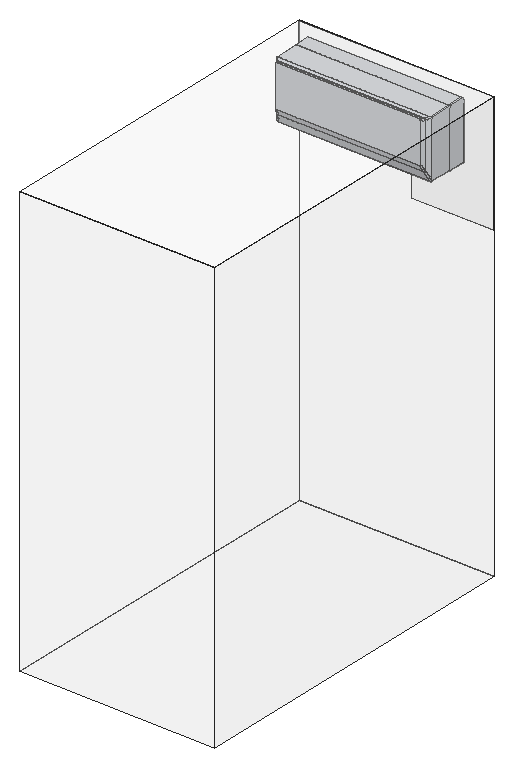
Revit family "pkfy-mp22_56lm_60hz", category 機械設備, Revit 2019
Family settings
  丸型コネクタ寸法 = 直径を使用
  パーツ タイプ = 標準
  OmniClass 番号 = 23.75.10.24.21.27.27
  OmniClass タイトル = Split System Air Conditioning Units
  作業面ベース = いいえ
  常に垂直 = はい
  ロード時にボイドで切り取り = いいえ
  共有 = いいえ
  部屋計算ポイント = はい
Parameters (values of type "壁掛_PKFY-MP22LM")
  風量_強 (m3/min) = 6.5
  風量_弱 (m3/min) = 5
  風量_中2 (m3/min) = 5.5
  風量_中 (m3/min) = 6
  風量 = MAX風量  # 390.0 m³/h
  音響パワーレベル_弱 (dB) = 45
  音響パワーレベル_中2 (dB) = 47
  音響パワーレベル_中 (dB) = 49
  音響パワーレベル_強 (dB) = 51
  音響パワーレベル(dB) = [音響パワーレベル_強 (dB)]  # 51
  電源種別 = ""
  電源_H = 0 mm
  電圧_電気ヒーター = 0 V
  電圧 = 200 V
  電動機出力_送風機 = 0.03 kW
  運転質量 = 0.00 kg
  連動 = ""
  質量 = if(製品質量 > 運転質量, 製品質量, 運転質量) * 1.2  # 13.32 kg
  負荷分類 = 3_ファン類
  構成品番 = "PKFY-MP22LM"
  冷媒液管位置-Z = 280 mm
  冷媒液管位置-Y = 28 mm
  冷媒液管位置-X = 178 mm
  冷媒ガス管位置-Z = 268 mm
  冷媒ガス管位置-Y = 28 mm
  冷媒ガス管位置-X = 192 mm
  ドレン管径 (外径) = 29 mm
  ドレン位置-Z = 274 mm
  ドレン位置-Y = 42 mm
  ドレン位置-X = 160 mm
  【値が0の項目は室外機にてご確認ください】 = ""
  URL = "https://www.mitsubishielectric.co.jp/ldg/wink/ssl/top.do"
  Space Top = 50 mm
  Space Right_1 = 260 mm
  Space Right = 150 mm
  Space Left = 50 mm
  Space Bot_2 = 250 mm
  Space Bot_1 = 7 mm
  MIN風量 = [風量_弱 (m3/min)] * 60.0 m³/h  # 300.0 m³/h
  MID風量2 = [風量_中2 (m3/min)] * 60.0 m³/h  # 330.0 m³/h
  MID風量 = [風量_中 (m3/min)] * 60.0 m³/h  # 360.0 m³/h
  MAX風量 = [風量_強 (m3/min)] * 60.0 m³/h  # 390.0 m³/h
  説明 = "ビル用マルチエアコン 壁掛形"
  設計暖房能力 = 0.00 kW
  設計冷房能力_顕熱 = 0 kW
  設計冷房能力 = 0 kW
  設置方法 = "壁掛形"
  記号 = ""
  製造元 = "三菱電機株式会社"
  製品質量 = 11.10 kg
  製品出荷対象 = "国内"
  製品リリース年月 = ""
  製品グループ = ""
  系統 = ""
  符号 = "PAC_WR"
  積算_科目 = "1 空気調和設備"
  積算_拾い区分 [instance] = ""
  相 = 1
  盤記号 = ""
  発停方法 = "付属スイッチ"
  特殊仕様 = ""
  火災停止 = ""
  消費電力_電気ヒーター = 0.00 kW
  消費電力_暖房 = 0.02 kW
  消費電力_加湿器 = 0.00 kW
  消費電力_冷房 = 0.02 kW
  消費電力 = if(消費電力_冷房 > 消費電力_暖房, 消費電力_冷房, 消費電力_暖房) + 消費電力_加湿器 + 消費電力_電気ヒーター  # 0.02 kW
  法定耐用年数 = "6"
  極数 = 1
  材質 = ""
  本体マテリアル = none
  有効加湿量 = 0
  暖房能力 = 2.50 kW
  推奨ブレーカー容量 = 0 A
  形式_加湿器 = ""
  形式 = "壁掛（露出）形"
  幹線記号 = ""
  始動方式 = "直入"
  呼称 = "室内機_壁掛（露出）形"
  周波数 = 60 Hz
  吊り位置Y = 0 mm
  吊り位置X = 0 mm
  吊りボルト_H = 0 mm
  台数_手元リモコン = ""
  台数_冷媒分岐ユニット = ""
  参照している仕様書等のバージョン = "公共建築工事標準仕様書（機械設備工事編）平成31年度版"
  加湿給水管径 = 0.00 mm
  分類コード = "5.0053E+13"
  分類グループ = ""
  冷房能力 = 2.2 kW
  冷媒高低圧ガス管径 = 0.00 mm
  冷媒管径符号 = "Ac"
  冷媒管径 = 100.00 mm
  冷媒液管径 = 6.35 mm
  冷媒ガス管径 = 12.70 mm
  企業コード = "108420"
  付属品_フィルター = ""
  付属品 = ""
  仕様書バージョン = "Version1.0"
  Model = ""
  パネルマテリアル = none
  ドレン管径 = 16.00 mm
  サービススペース = yes
  コメント [instance] = ""
  ケーブル種類 = ""
  ケーブルサイズ = 0 mm
  Width = 773 mm
  Uniclass2015Version = "Systems v1.9"
  Uniclass2015Title = "Split coil remote air cooled condensing units"
  Uniclass2015Code = "Pr_70_65_03_84"
  SpecificationReference = ""
  SpecificationDescription = ""
  S_H = 356 mm
  Revision = ""
  ProductInformation = ""
  OmniClassCode = "23-33 17 13 11"
  IfcTypeProduct = ""
  IfcProduct = ""
  IfcExportType = "AIRCONDITIONINGUNIT"
  IfcExportAs = "IfcUnitaryEquipmentType"
  Height = 299 mm
  Depth = 237 mm
  価格 = 0
  Clearance Top = 50 mm
  Clearance Right = 150 mm
  Clearance Left = 50 mm
  Clearance Front = 1500 mm
  Clearance Bottom = 1800 mm
  Clearance Back = 0 mm
  Author = "三菱電機株式会社"
Types (5, lengths in mm): name | 風量_強 (m3/min) | 風量_弱 (m3/min) | 風量_中2 (m3/min) | 風量_中 (m3/min) | 風量 | 音響パワーレベル_弱 (dB) | 音響パワーレベル_中2 (dB) | 音響パワーレベル_中 (dB) | 音響パワーレベル_強 (dB) | 音響パワーレベル(dB) | 質量 | 構成品番 | MIN風量 | MID風量2 | MID風量 | MAX風量 | 製品質量 | 消費電力_暖房 | 消費電力_冷房 | 消費電力 | 暖房能力 | 冷房能力 | Width
  壁掛_PKFY-MP22LM | 6.5 | 5 | 5.5 | 6 | 390.0 m³/h | 45 | 47 | 49 | 51 | 51 | 13.32 kg | "PKFY-MP22LM" | 300.0 m³/h | 330.0 m³/h | 360.0 m³/h | 390.0 m³/h | 11.10 kg | 0.02 kW | 0.02 kW | 0.02 kW | 2.50 kW | 2.2 kW | 773
  壁掛_PKFY-MP28LM | 6.9 | 5 | 5.6 | 6.2 | 414.0 m³/h | 45 | 48 | 50 | 52 | 52 | 13.32 kg | "PKFY-MP28LM" | 300.0 m³/h | 336.0 m³/h | 372.0 m³/h | 414.0 m³/h | 11.10 kg | 0.02 kW | 0.02 kW | 0.02 kW | 3.20 kW | 2.8 kW | 773
  壁掛_PKFY-MP36LM | 8.6 | 5 | 6.2 | 7.4 | 516.0 m³/h | 46 | 50 | 54 | 58 | 58 | 13.32 kg | "PKFY-MP36LM" | 300.0 m³/h | 372.0 m³/h | 444.0 m³/h | 516.0 m³/h | 11.10 kg | 0.03 kW | 0.03 kW | 0.03 kW | 4.00 kW | 3.6 kW | 773
  壁掛_PKFY-MP45LM | 10.1 | 6.2 | 7.4 | 8.6 | 606.0 m³/h | 47 | 50 | 53 | 57 | 57 | 15.36 kg | "PKFY-MP45LM" | 372.0 m³/h | 444.0 m³/h | 516.0 m³/h | 606.0 m³/h | 12.80 kg | 0.03 kW | 0.03 kW | 0.03 kW | 5.00 kW | 4.5 kW | 898
  壁掛_PKFY-MP56LM | 12.4 | 6.7 | 8.3 | 10.1 | 744.0 m³/h | 49 | 53 | 57 | 62 | 62 | 15.36 kg | "PKFY-MP56LM" | 402.0 m³/h | 498.0 m³/h | 606.0 m³/h | 744.0 m³/h | 12.80 kg | 0.04 kW | 0.04 kW | 0.04 kW | 6.30 kW | 5.6 kW | 898
Reference planes
  plane 1 "中心(正面/背面)": y = 0
  plane 2: z = 11
  plane 3 "中心(左/右)": x = 0
  plane 4: x = -386.5
  plane 5: x = 386.5
  plane 6: z = -288
  plane 7: y = -242
  plane 8: y = -5
  plane 9: x = 226.5
  plane 10: x = 194.5
  plane 11: x = 208.5
  plane 12: y = -28
  plane 13: y = -28
  plane 14: y = -42
  plane 15: z = -269
  plane 16: z = -257
  plane 17: z = -263
  plane 18: z = 61
  plane 19: x = -436.5
  plane 20: x = 536.5
  plane 21: z = -295
  plane 22: z = -538
  plane 23: x = 126.5
  plane 24: y = -1742
  plane 25: z = -2088
  plane 26: x = -436.5
  plane 27: x = 536.5
  plane 28: y = -28
  plane 29: x = 201.5
Forms (mm)
  Extrusion 1, solid, detail levels fine
    sketch origin (-88.875, 0, -1713) x (-1, 0, 0) y (0, 0, 1)
      loop
        line (-425.375, 1574) -> (-425.375, 1549) -> (-400.375, 1549) -> (-400.375, 1574) -> (-425.375, 1574)
    from -1 to 0
  Extrusion 2, solid, detail levels fine
    sketch origin (0, 0, 11) x (1, 0, 0) y (0, 1, 0)
      loop
        circle (201.5, -28) r 15
    from -274 to -268
Dimensions and locks
  equal spacing: plane 5, plane 3 "中心(左/右)", plane 4
  "Width": plane 5 to plane 4
  "Height": level to plane 6
  locked: plane 8 to plane 1 "中心(正面/背面)" at 5
  "Depth": plane 7 to plane 8
  "ドレン位置-X": plane 5 to plane 9
  "冷媒ガス管位置-X": plane 5 to plane 10
  "冷媒液管位置-X": plane 5 to plane 11
  "ドレン位置-Z": level to plane 17
  "冷媒ガス管位置-Z": level to plane 16
  "冷媒液管位置-Z": level to plane 15
  "Space Top": plane 18 to level
  "Space Left": plane 4 to plane 19
  "Space Right": plane 20 to plane 5
  "Space Bot_1": plane 6 to plane 21
  "Space Bot_2": plane 6 to plane 22
  "Space Right_1": plane 5 to plane 23
  "Clearance Front": plane 24 to plane 7
  "Clearance Bottom": plane 6 to plane 25
  "Clearance Left": plane 4 to plane 26
  "Clearance Right": plane 27 to plane 5
  plane 5 to Extrusion 1 sketch curve = 50 mm
  "Clearance Top": nested 2 to plane 2
  "冷媒液管位置-Y": plane 13 to plane 1 "中心(正面/背面)"
  "ドレン位置-Y": plane 14 to plane 1 "中心(正面/背面)"
  "冷媒ガス管位置-Y": plane 12 to plane 1 "中心(正面/背面)"
  equal spacing: plane 10, plane 29, plane 11
  aligned and locked: level to plane 2
  aligned and locked: plane 1 "中心(正面/背面)" to nested 1
  aligned and locked: level to nested 1
  aligned and locked: plane 1 "中心(正面/背面)" to nested 2
  aligned and locked: plane 24 to nested 2
  aligned and locked: plane 25 to nested 2
  aligned and locked: plane 26 to nested 2
  aligned and locked: plane 27 to nested 2
  aligned and locked: plane 18 to nested 2
  aligned and locked: plane 1 "中心(正面/背面)" to nested 3
  aligned and locked: plane 3 "中心(左/右)" to nested 3
  aligned and locked: Extrusion 2 to plane 17
Automatic sketch dimensions
  Extrusion 1 sketch curve to plane 5 = 75 mm
  Extrusion 1 sketch curve to Extrusion 1 sketch curve = 25 mm
  plane 16 to Extrusion 1 sketch curve = 93 mm
  plane 12 to Extrusion 2 sketch curve = 0 mm
  Extrusion 2 sketch curve to plane 29 = 0 mm
  radius of Extrusion 2 sketch curve = 15 mm
Nested families
  nested 1: "pkfy-mp22_56lm" at (0, 0, 10), type "pkfy-mp22_56lm", detail levels fine
    with 冷媒ガス管位置-X 192 mm, Width 773 mm
  nested 2: "サービススペース" at (50, -871, -1013.5), visible <- "サービススペース", type "サービススペース"
    with Width 973 mm, Height 2149 mm, Depth 1742 mm
  nested 3: "Space View" at (0, 0, 11), Bot_1 <- "Space Bot_1", Bot_2 <- "Space Bot_2", Hight <- "Height", Left <- "Space Left", Right <- "Space Right", Right_1 <- "Space Right_1", Top <- "Space Top", Width <- "Width", type "Space View"
    with Width 773 mm, Top 50 mm, Space View yes, Right_1 260 mm, Right 150 mm, Left 50 mm, Hight 299 mm, Bot_2 250 mm, Bot_1 7 mm
Connectors
  electrical at (324, 0, -151.5), driven by "極数", driven by "負荷分類", driven by "電圧", driven by "消費電力"
    settings: on Extrusion 1, index 3, voltage 200 V, apparent load 20 VA, apparent load phase1 0 VA, apparent load phase2 0 VA, apparent load phase3 0 VA, power factor 1, load classification "3_ファン類", number of poles 1, system type 30, power factor state 1, is connector primary yes, connector utility no, sub classification motor no, connector description ""
  piping at (226.5, -42, -263), diameter 29, driven by "ドレン管径 (外径)"
    settings: on nested 1, index 4, connector inside diameter 609.60 mm, connector length 0 mm, flow factor 0, pipe flow 0.0 L/s, pressure drop 0.0 Pa, fitting loss kfactor 0, connector angle 0.00°, fixture units 0, engagement length 0 mm, angle of deflection 0.00°, flow configuration 1, flow direction 2, fitting loss method 4, system type 16, joint type 0, gender type 0, connector reference index -1, connector utility 0, adjustable connector no, is connector primary yes, connector description ""
  piping at (201.5, -28, -263), diameter 100, driven by "冷媒管径"
    settings: on Extrusion 2, index 5, connector inside diameter 609.60 mm, connector length 0 mm, flow factor 0, pipe flow 0.0 L/s, pressure drop 0.0 Pa, fitting loss kfactor 0, connector angle 0.00°, fixture units 0, engagement length 0 mm, angle of deflection 0.00°, flow configuration 1, flow direction 1, fitting loss method 4, system type 7, joint type 0, gender type 0, connector reference index -1, connector utility 0, adjustable connector no, is connector primary no, connector description ""
Definition of nested family "pkfy-mp22_56lm"
  Parameters (values of type "pkfy-mp22_56lm")
    壁掛_PKFY-MP22-56LM = yes
    冷媒液管位置-Y = 28 mm  # constant formula
    冷媒液管位置-X = 178 mm
    冷媒ガス管位置-Y = 28 mm  # constant formula
    冷媒ガス管位置-X = 190 mm
    ドレン管径 (外径) = 29 mm
    ドレン位置-Y = 42 mm  # constant formula
    ドレン位置-X = 160 mm
    URL = ""
    Description = ""
    Manufacturer = ""
    冷媒管径符号 = "Ac"
    冷媒管径 = 100.00 mm
    冷媒液管位置-Z = 299 mm - 19 mm  # 280 mm
    冷媒液管径 = 6.35 mm
    冷媒ガス管位置-Z = 299 mm - 25 mm  # 274 mm
    冷媒ガス管径 = 12.70 mm
    Model = ""
    ドレン位置-Z = 299 mm - 31 mm  # 268 mm
    ドレン管径 = 16.00 mm
    Width = 898 mm
    S_H = 356 mm
    Height = 299 mm
    Depth = 237 mm
    Cost = 0
  Reference planes
    plane 1 "中心(正面/背面)": y = 0
    plane 2: z = 1
    plane 3 "中心(左/右)": x = 0
    plane 4 "UNDER": z = -298
    plane 5 "左": x = -449
    plane 6 "右": x = 449
    plane 7 "Fkidasi_L": x = -400
    plane 8 "Fkidasi_Y": x = 250
    plane 9: y = -5
    plane 10: y = -242
    plane 11: z = -279
    plane 12: z = -273
    plane 13: z = -267
    plane 14: z = 1
    plane 15: x = 289
    plane 16: x = 271
    plane 17: x = 259
    plane 18: y = -28
    plane 19: y = -42
    plane 20: z = -99
  Forms (mm)
    Extrusion 1, void, detail levels fine
      sketch origin (0, 75, -2499) x (0, -1, 0) y (0, 0, 1)
        loop
          line (89, 2500) -> (80, 2500) -> (80, 2487) -> (89, 2500)
      from 449 to -449
    Extrusion 2, solid, visible <- "壁掛_PKFY-MP22-56LM", detail levels fine
      sketch origin (0, 0, -2509.072) x (-1, 0, 0) y (0, 0, 1)
        loop
          line (449, 2485.072) -> (-449, 2485.072) -> (-449, 2224.072) -> (449, 2224.072) -> (449, 2485.072)
      from 0 to -5
    Extrusion 3, solid, visible <- "壁掛_PKFY-MP22-56LM", detail levels fine
      sketch origin (0, -5, -2499) x (0, 0, -1) y (-1, 0, 0)
        loop
          line (-2500, 444) -> (-2500, -444)
          arc (-2500, -444) -> (-2498.536, -447.536) -> (-2495, -449) r 5
          line (-2495, -449) -> (-2206, -449)
          arc (-2206, -449) -> (-2202.464, -447.536) -> (-2201, -444) r 5
          line (-2201, -444) -> (-2201, 444)
          arc (-2201, 444) -> (-2202.464, 447.536) -> (-2206, 449) r 5
          line (-2206, 449) -> (-2495, 449)
          arc (-2495, 449) -> (-2498.536, 447.536) -> (-2500, 444) r 5
      from 0 to -83
    Blend 4, solid, visible <- "壁掛_PKFY-MP22-56LM"
      base sketch origin (0, -202, -1799) x (0, 0, 1) y (1, 0, 0)
        loop
          line (1796, -444) -> (1796, 444)
          arc (1796, 444) -> (1794.536, 447.536) -> (1791, 449) r 5
          line (1791, 449) -> (1515, 449)
          arc (1515, 449) -> (1508.636, 446.364) -> (1506, 440) r 9
          line (1506, 440) -> (1506, -440)
          arc (1506, -440) -> (1508.636, -446.364) -> (1515, -449) r 9
          line (1515, -449) -> (1791, -449)
          arc (1791, -449) -> (1794.536, -447.536) -> (1796, -444) r 5
      top sketch origin (0, -202, -1799) x (0, 0, 1) y (1, 0, 0)
        loop
          line (1793, -427) -> (1793, 427)
          arc (1793, 427) -> (1791.536, 430.536) -> (1788, 432) r 5
          line (1788, 432) -> (1559, 432)
          arc (1559, 432) -> (1555.464, 430.536) -> (1554, 427) r 5
          line (1554, 427) -> (1554, -427)
          arc (1554, -427) -> (1555.464, -430.536) -> (1559, -432) r 5
          line (1559, -432) -> (1788, -432)
          arc (1788, -432) -> (1791.536, -430.536) -> (1793, -427) r 5
      from 0 to -25
    Blend 5, solid, visible <- "壁掛_PKFY-MP22-56LM", detail levels fine
      base sketch origin (0, -227, -1799) x (0, 0, 1) y (1, 0, 0)
        loop
          arc (1793, 427) -> (1791.536, 430.536) -> (1788, 432) r 5
          line (1788, 432) -> (1559, 432)
          arc (1559, 432) -> (1555.464, 430.536) -> (1554, 427) r 5
          line (1554, 427) -> (1554, -427)
          arc (1554, -427) -> (1555.464, -430.536) -> (1559, -432) r 5
          line (1559, -432) -> (1788, -432)
          arc (1788, -432) -> (1791.536, -430.536) -> (1793, -427) r 5
          line (1793, -427) -> (1793, 427)
      top sketch origin (0, -227, -1799) x (0, 0, 1) y (1, 0, 0)
        loop
          line (1793, -419) -> (1793, 419)
          arc (1793, 419) -> (1791.536, 422.536) -> (1788, 424) r 5
          line (1788, 424) -> (1590, 424)
          arc (1590, 424) -> (1586.464, 422.536) -> (1585, 419) r 5
          line (1585, 419) -> (1585, -419)
          arc (1585, -419) -> (1586.464, -422.536) -> (1590, -424) r 5
          line (1590, -424) -> (1788, -424)
          arc (1788, -424) -> (1791.536, -422.536) -> (1793, -419) r 5
      from 0 to -15
    Blend 6, solid, visible <- "壁掛_PKFY-MP22-56LM", detail levels fine
      base sketch origin (62.5, -88, -1799) x (0, 0, 1) y (1, 0, 0)
        loop
          arc (1800, 381.5) -> (1798.536, 385.036) -> (1795, 386.5) r 5
          line (1795, 386.5) -> (1506, 386.5)
          arc (1506, 386.5) -> (1502.464, 385.036) -> (1501, 381.5) r 5
          line (1501, 381.5) -> (1501, -506.5)
          arc (1501, -506.5) -> (1502.464, -510.036) -> (1506, -511.5) r 5
          line (1506, -511.5) -> (1795, -511.5)
          arc (1795, -511.5) -> (1798.536, -510.036) -> (1800, -506.5) r 5
          line (1800, -506.5) -> (1800, 381.5)
      top sketch origin (62.5, -88, -1799) x (0, 0, 1) y (1, 0, 0)
        loop
          line (1796, -506.5) -> (1796, 381.5)
          arc (1796, 381.5) -> (1794.536, 385.036) -> (1791, 386.5) r 5
          line (1791, 386.5) -> (1511, 386.5)
          arc (1511, 386.5) -> (1507.464, 385.036) -> (1506, 381.5) r 5
          line (1506, 381.5) -> (1506, -502.5)
          arc (1506, -502.5) -> (1508.636, -508.864) -> (1515, -511.5) r 9
          line (1515, -511.5) -> (1791, -511.5)
          arc (1791, -511.5) -> (1794.536, -510.036) -> (1796, -506.5) r 5
      from 0 to -114
    Extrusion 7, solid, visible <- "壁掛_PKFY-MP22-56LM", detail levels fine
      sketch origin (0, 0, 1) x (1, 0, 0) y (0, 1, 0)
        loop
          circle (259, -28) r 6.35
      from -268 to -100
    Extrusion 8, solid, visible <- "壁掛_PKFY-MP22-56LM", detail levels fine
      sketch origin (0, 0, 1) x (1, 0, 0) y (0, 1, 0)
        loop
          circle (271, -28) r 3.175
      from -280 to -100
    Extrusion 9, solid, visible <- "壁掛_PKFY-MP22-56LM", detail levels fine
      sketch origin (0, 0, 1) x (1, 0, 0) y (0, 1, 0)
        loop
          circle (289, -42) r 8
      from -274 to -100
    Extrusion 10, solid, visible <- "壁掛_PKFY-MP22-56LM", detail levels fine
      sketch origin (0, 0, 1) x (1, 0, 0) y (0, 1, 0)
        loop
          circle (289, -42) r 14.5
      from -274 to -100
  Cuts and joins
    Extrusion 1 cuts Extrusion 3
  Lines and regions (mm)
    model lines, visible <- "壁掛_PKFY-MP22-56LM", detail levels fine
      curve 1: line (250, -5, -298) -> (250, -54, -298)
      curve 2: line (268, -72, -298) -> (319, -72, -298)
      curve 3: line (337, -54, -298) -> (337, -5, -298)
      curve 4: line (300, -54, -298) -> (300, -5, -298)
      curve 5: arc (268, -72, -298) -> (255.272, -66.728, -298) -> (250, -54, -298) r 18
      curve 6: arc (282, -72, -298) -> (294.728, -66.728, -298) -> (300, -54, -298) r 18
      curve 7: arc (319, -72, -298) -> (331.728, -66.728, -298) -> (337, -54, -298) r 18
      curve 8: line (-430, -5, -298) -> (-430, -54, -298)
      curve 9: line (-412, -72, -298) -> (-378, -72, -298)
      curve 10: line (-360, -54, -298) -> (-360, -5, -298)
      curve 11: line (-409.5, -53.123, -298) -> (-409.5, -5, -298)
      curve 12: arc (-412, -72, -298) -> (-424.728, -66.728, -298) -> (-430, -54, -298) r 18
      curve 13: arc (-409.5, -53.123, -298) -> (-404.977, -65.481, -298) -> (-393.546, -72, -298) r 19.145
      curve 14: arc (-360, -54, -298) -> (-365.272, -66.728, -298) -> (-378, -72, -298) r 18
      curve 15: line (366.5, -202, -293) -> (366.5, -208.929, -279.696)
      curve 16: line (366.5, -208.929, -279.696) -> (326.5, -208.929, -279.696)
      curve 17: line (326.5, -208.929, -279.696) -> (326.5, -202, -293)
      curve 18: line (326.5, -202, -293) -> (326.5, -188.513, -293.592)
      curve 19: line (326.5, -188.513, -293.592) -> (366.5, -188.513, -293.592)
      curve 20: line (366.5, -188.513, -293.592) -> (366.5, -202, -293)
      curve 21: line (449, -5, -235) -> (449, -52, -235)
      curve 22: line (449, -70, -253) -> (449, -70, -276)
      curve 23: line (449, -58, -288) -> (449, -5, -288)
      curve 24: line (449, -49.143, -247) -> (449, -5, -247)
      curve 25: arc (449, -58, -288) -> (449, -66.485, -284.485) -> (449, -70, -276) r 12
      curve 26: arc (449, -52, -235) -> (449, -64.728, -240.272) -> (449, -70, -253) r 18
      curve 27: arc (449, -70, -267.857) -> (449, -63.891, -253.109) -> (449, -49.143, -247) r 20.857
      curve 28: line (-449, -5, -288) -> (-449, -58, -288)
      curve 29: line (-449, -70, -276) -> (-449, -70, -242)
      curve 30: line (-449, -52, -224) -> (-449, -5, -224)
      curve 31: line (-449, -5, -244) -> (-449, -52, -244)
      curve 32: arc (-449, -58, -288) -> (-449, -66.485, -284.485) -> (-449, -70, -276) r 12
      curve 33: arc (-449, -70, -242) -> (-449, -64.728, -229.272) -> (-449, -52, -224) r 18
      curve 34: arc (-449, -70, -262) -> (-449, -64.728, -249.272) -> (-449, -52, -244) r 18
      curve 35: line (-400, -227, -245) -> (-400, -202, -293)
      curve 36: line (250, -227, -245) -> (250, -202, -293)
      curve 37: line (250, -202, -293) -> (250, -88, -298)
      curve 38: line (-400, -200.122, -293.082) -> (-400, -88, -298)
  Dimensions and locks
    "Width": plane 5 "左" to plane 6 "右"
    plane 5 "左" to plane 3 "中心(左/右)" to plane 6 "右" = 449 mm, 449 mm
    equal spacing: plane 5 "左", plane 3 "中心(左/右)", plane 6 "右"  (x2)
    "Depth": plane 9 to plane 10
    "ドレン位置-Z": level to plane 13
    "冷媒ガス管位置-Z": level to plane 12
    "冷媒液管位置-Z": level to plane 11
    "Height": level to plane 4 "UNDER"
    locked: plane 9 to plane 1 "中心(正面/背面)" at 5
    plane 5 "左" to plane 6 "右" = 898 mm
    plane 8 "Fkidasi_Y" to plane 6 "右" = 199 mm
    locked: plane 5 "左" to plane 7 "Fkidasi_L" at 49
    plane 1 "中心(正面/背面)" to plane 9 = 5 mm
    plane 9 to plane 10 = 237 mm
    locked: plane 6 "右" to Blend 4 sketch curve at 17
    locked: plane 5 "左" to Blend 4 sketch curve at 17
    locked: plane 5 "左" to Blend 5 sketch curve at 25
    locked: plane 6 "右" to Blend 5 sketch curve at 25
    locked: plane 5 "左" to Blend 5 sketch curve at 17
    locked: plane 6 "右" to Blend 5 sketch curve at 17
    plane 7 "Fkidasi_L" to plane 8 "Fkidasi_Y" = 650 mm
    "ドレン位置-X": plane 6 "右" to plane 15
    "冷媒液管位置-X": plane 6 "右" to plane 16
    "冷媒ガス管位置-X": plane 6 "右" to plane 17
    plane 18 to plane 1 "中心(正面/背面)" = 28 mm
    plane 19 to plane 1 "中心(正面/背面)" = 42 mm
    plane 15 to plane 6 "右" = 160 mm
    plane 16 to plane 6 "右" = 178 mm
    plane 17 to plane 6 "右" = 190 mm
    plane 11 to plane 4 "UNDER" = 19 mm
    plane 13 to plane 4 "UNDER" = 31 mm
    plane 12 to plane 4 "UNDER" = 25 mm
    level to plane 20 = 100 mm
    "冷媒ガス管径": diameter of Extrusion 7 sketch curve
    "冷媒液管径": diameter of Extrusion 8 sketch curve
    "ドレン管径": diameter of Extrusion 9 sketch curve
    "ドレン管径 (外径)": diameter of Extrusion 10 sketch curve
    aligned and locked: level to plane 2
    aligned and locked: plane 10 to Blend 5
    aligned and locked: Extrusion 2 sketch curve to plane 6 "右"
    aligned and locked: Extrusion 2 sketch curve to plane 5 "左"
    aligned and locked: Extrusion 3 sketch curve to plane 5 "左"
    aligned and locked: Extrusion 3 sketch curve to plane 6 "右"
    aligned and locked: Extrusion 2 to Extrusion 1
    aligned and locked: plane 5 "左" to Extrusion 1
    aligned and locked: Blend 6 sketch curve to plane 5 "左"
    aligned and locked: Blend 6 sketch curve to plane 6 "右"
    aligned and locked: plane 5 "左" to Blend 6 sketch curve
    aligned and locked: plane 6 "右" to Blend 6 sketch curve
    aligned and locked: Blend 4 sketch curve to plane 5 "左"
    aligned and locked: Blend 4 sketch curve to plane 6 "右"
    aligned and locked: plane 7 "Fkidasi_L" to curve 38
    aligned and locked: plane 7 "Fkidasi_L" to curve 35
    aligned and locked: plane 8 "Fkidasi_Y" to curve 37
    aligned and locked: plane 8 "Fkidasi_Y" to curve 36
    aligned and locked: plane 17 to Extrusion 7 sketch curve
    aligned and locked: plane 18 to Extrusion 7 sketch curve
    aligned and locked: plane 16 to Extrusion 8 sketch curve
    aligned and locked: plane 18 to Extrusion 8 sketch curve
    aligned and locked: plane 20 to Extrusion 8
    aligned and locked: plane 20 to Extrusion 7
    aligned and locked: Extrusion 8 to plane 11
    aligned and locked: Extrusion 7 to plane 13
    aligned and locked: plane 15 to Extrusion 9 sketch curve
    aligned and locked: plane 19 to Extrusion 9 sketch curve
    aligned and locked: plane 15 to Extrusion 10 sketch curve
    aligned and locked: plane 19 to Extrusion 10 sketch curve
    aligned and locked: Extrusion 10 to plane 12
    aligned and locked: Extrusion 9 to plane 12
    aligned and locked: plane 20 to Extrusion 10
    aligned and locked: plane 20 to Extrusion 9
  Automatic sketch dimensions
    Extrusion 1 sketch curve to plane 9 = 0 mm
    Extrusion 1 sketch curve to plane 9 = 9 mm
    Extrusion 2 sketch curve to level = 286 mm
    Extrusion 3 sketch curve to level = 299 mm
    Extrusion 3 sketch curve to level = 294 mm  (x2)
    Blend 4 sketch curve to level = 294 mm
    Blend 4 sketch curve to Blend 4 sketch curve = 9 mm  (x2)
    Blend 4 sketch curve to plane 6 "右" = 5 mm
    Blend 4 sketch curve to level = 246 mm
    Blend 4 sketch curve to Blend 4 sketch curve = 5 mm  (x4)
    Blend 5 sketch curve to level = 246 mm
    Blend 5 sketch curve to Blend 5 sketch curve = 5 mm  (x7)
    Blend 5 sketch curve to level = 215 mm
    Blend 6 sketch curve to level = 299 mm
    Blend 6 sketch curve to level = 294 mm  (x3)
    Blend 6 sketch curve to plane 6 "右" = 5 mm  (x2)
    Blend 6 sketch curve to Blend 6 sketch curve = 9 mm
    curve 11 to Extrusion 3 = 0 mm
    curve 1 to Extrusion 3 = 0 mm
    curve 8 to Extrusion 3 = 0 mm
    curve 4 to Extrusion 3 = 0 mm
    curve 3 to Extrusion 3 = 0 mm
    curve 10 to Extrusion 3 = 0 mm
    curve 13 to Extrusion 3 = 34.877 mm
    curve 12 to curve 13 = 0.877 mm
    curve 10 to curve 13 = 0.877 mm
    curve 3 to Extrusion 3 = 34 mm
    curve 4 to curve 7 = 0 mm
    curve 9 to Extrusion 3 = 16 mm
    curve 2 to Extrusion 3 = 16 mm
    Extrusion 3 to curve 3 = 107 mm
    curve 7 to curve 4 = 19 mm
    curve 6 to curve 2 = 14 mm
    Extrusion 3 to curve 10 = 84 mm
    curve 14 to curve 13 = 12.355 mm
    curve 13 to curve 11 = 19.145 mm
    curve 13 to curve 12 = 2.5 mm
    curve 35 to Blend 4 = 0 mm
    Blend 4 to curve 35 = 0 mm
    Blend 4 to curve 36 = 0 mm
    curve 36 to Blend 4 = 0 mm
    curve 17 to Blend 4 = 0 mm
    curve 15 to Blend 4 = 0 mm
    Blend 4 to curve 17 = 15 mm
    curve 17 to Blend 4 = 106.857 mm
    curve 16 to curve 15 = 40 mm
    curve 36 to curve 17 = 76.5 mm
    curve 35 to curve 36 = 650 mm
    curve 38 to Blend 6 = 0 mm
    curve 37 to Blend 6 = 0 mm
    Blend 6 to curve 37 = 0 mm
    Blend 6 to curve 18 = 0 mm
    Blend 6 to curve 20 = 0 mm
    Blend 6 to curve 19 = 13.5 mm
    curve 19 to Blend 6 = 117.5 mm
    curve 18 to curve 19 = 40 mm
    curve 37 to curve 18 = 76.5 mm
    curve 38 to curve 37 = 650 mm
    Blend 6 to curve 38 = 1.879 mm
    Extrusion 1 sketch curve to level = 13 mm
    Extrusion 1 sketch curve to level = 0 mm
    Extrusion 2 sketch curve to level = 25 mm
    Extrusion 3 sketch curve to level = 5 mm  (x2)
    Extrusion 3 sketch curve to level = 0 mm
    Blend 4 sketch curve to level = 9 mm  (x2)
    Blend 4 sketch curve to level = 12 mm
    Blend 5 sketch curve to level = 12 mm  (x3)
    Blend 6 sketch curve to level = 5 mm  (x2)
    Blend 6 sketch curve to level = 0 mm
    Blend 6 sketch curve to level = 9 mm
    curve 5 to curve 6 = 0 mm
    curve 23 to plane 9 = 0 mm
    curve 24 to plane 9 = 0 mm
    curve 21 to plane 9 = 0 mm
    curve 23 to plane 11 = 9 mm
    curve 22 to plane 12 = 3 mm
    plane 12 to curve 27 = 5.143 mm
    curve 27 to curve 26 = 14.857 mm
    curve 26 to curve 24 = 6 mm
    curve 27 to curve 21 = 12 mm
    curve 24 to plane 9 = 44.143 mm
    curve 30 to plane 9 = 0 mm
    curve 31 to plane 9 = 0 mm
    curve 28 to plane 9 = 0 mm
    plane 12 to curve 30 = 49 mm
    curve 30 to curve 29 = 18 mm
    curve 33 to curve 31 = 2 mm
    plane 12 to curve 34 = 11 mm
    curve 29 to plane 12 = 3 mm
    curve 28 to plane 11 = 9 mm
    curve 30 to plane 9 = 47 mm
    Blend 6 sketch curve to plane 5 "左" = 5 mm
Definition of nested family "サービススペース"
  Parameters (values of type "サービススペース")
    Width [instance] = 500 mm
    Height [instance] = 500 mm
    Depth [instance] = 500 mm
  Reference planes
    plane 1 "中心(正面/背面)": y = 0
    plane 2: z = 0
    plane 3 "中心(左/右)": x = 0
    plane 4: y = -250
    plane 5: x = 250
    plane 6: y = 250
    plane 7: x = -250
    plane 8: z = 250
    plane 9: z = -250
  Forms (mm)
    Extrusion 1, solid
      sketch origin (-638.939, 0, 72.39) x (1, 0, 0) y (0, 1, 0)
        loop
          line (388.939, 250) -> (388.939, -250) -> (888.939, -250) -> (888.939, 250) -> (388.939, 250)
      from -322.39 to 177.61
  Lines and regions (mm)
    symbolic lines
      curve 1: line (-250, 0, 250) -> (250, 0, 250)
      curve 2: line (-250, 0, -250) -> (-250, 0, 250)
      curve 3: line (250, 0, -250) -> (-250, 0, -250)
      curve 4: line (250, 0, 250) -> (250, 0, -250)
      curve 5: line (0, -250, 250) -> (0, 250, 250)
      curve 6: line (0, -250, -250) -> (0, -250, 250)
      curve 7: line (0, 250, -250) -> (0, -250, -250)
      curve 8: line (0, 250, 250) -> (0, 250, -250)
      curve 9: line (-250, 250, 0) -> (250, 250, 0)
      curve 10: line (-250, -250, 0) -> (-250, 250, 0)
      curve 11: line (250, -250, 0) -> (-250, -250, 0)
      curve 12: line (250, 250, 0) -> (250, -250, 0)
  Dimensions and locks
    equal spacing: plane 7, plane 3 "中心(左/右)", plane 5
    equal spacing: plane 4, plane 1 "中心(正面/背面)", plane 6
    "Depth": plane 4 to plane 6
    "Width": plane 7 to plane 5
    equal spacing: plane 8, plane 2, plane 9
    "Height": plane 8 to plane 9
    aligned and locked: plane 9 to curve 3
    aligned and locked: plane 7 to curve 2
    aligned and locked: curve 4 to plane 5
    aligned and locked: plane 5 to Extrusion 1
    aligned and locked: Extrusion 1 to plane 7
    aligned and locked: Extrusion 1 to plane 9
    aligned and locked: plane 8 to Extrusion 1
    aligned and locked: plane 9 to curve 7
  Automatic sketch dimensions
    plane 4 to Extrusion 1 sketch curve = 0 mm
    Extrusion 1 sketch curve to plane 7 = 0 mm
    Extrusion 1 sketch curve to plane 5 = 0 mm
    plane 6 to Extrusion 1 sketch curve = 0 mm
    curve 2 to plane 8 = 0 mm
    plane 4 to curve 11 = 0 mm
    curve 11 to plane 7 = 0 mm
    curve 11 to plane 5 = 0 mm
    plane 6 to curve 10 = 0 mm
    curve 7 to plane 4 = 0 mm
    curve 7 to plane 6 = 0 mm
    curve 6 to plane 8 = 0 mm
Definition of nested family "Space View"
  Parameters (values of type "Space View")
    Width [instance] = 898 mm
    Top [instance] = 50 mm
    Space View [instance] = yes
    Right_1 [instance] = 260 mm
    Right [instance] = 150 mm
    Left [instance] = 50 mm
    Hight [instance] = 299 mm
    Bot_2 [instance] = 250 mm
    Bot_1 [instance] = 7 mm
  Reference planes
    plane 1 "Center (Front/Back)": y = 0
    plane 2: z = 0
    plane 3 "Center (Left/Right)": x = 0
    plane 4: x = -499
    plane 5: z = 50
    plane 6: x = 599
    plane 7: z = -306
    plane 8: z = -549
    plane 9: x = -449
    plane 10: x = 449
    plane 11: z = -299
    plane 12: x = 189
  Forms (mm)
    Extrusion 1, solid, visible <- "Space View"
      sketch origin (0, 0, -1800) x (-1, 0, 0) y (0, 0, 1)
        loop
          line (499, 1850) -> (-599, 1850) -> (-599, 1251) -> (-189, 1251) -> (-189, 1494) -> (499, 1494) -> (499, 1850)
      from 0 to -1
  Dimensions and locks
    equal spacing: plane 10, plane 3 "Center (Left/Right)", plane 9
    "Width": plane 10 to plane 9
    "Right": plane 10 to plane 6
    "Left": plane 9 to plane 4
    "Hight": level to plane 11
    "Bot_1": plane 11 to plane 7
    "Bot_2": plane 11 to plane 8
    "Top": plane 5 to level
    "Right_1": plane 12 to plane 10
    aligned and locked: level to plane 2
    aligned and locked: Extrusion 1 to plane 4
    aligned and locked: plane 5 to Extrusion 1
    aligned and locked: plane 6 to Extrusion 1
    aligned and locked: plane 7 to Extrusion 1
    aligned and locked: plane 8 to Extrusion 1
    aligned and locked: plane 5 to Extrusion 1 sketch curve
    aligned and locked: Extrusion 1 sketch curve to plane 4
    aligned and locked: Extrusion 1 sketch curve to plane 7
    aligned and locked: Extrusion 1 sketch curve to plane 8
    aligned and locked: Extrusion 1 sketch curve to plane 6
    aligned and locked: plane 12 to Extrusion 1
  Automatic sketch dimensions
    plane 10 to Extrusion 1 sketch curve = 260 mm
